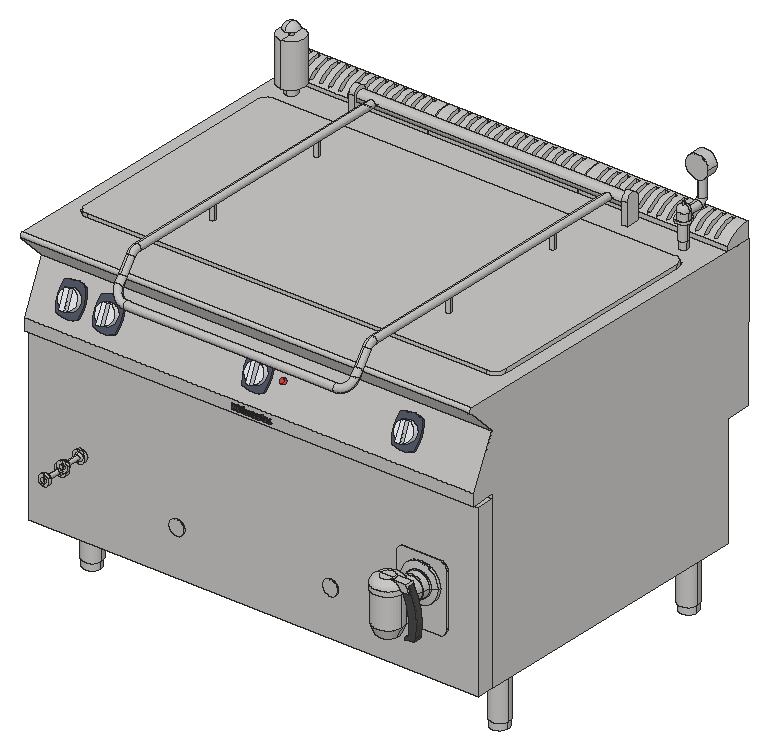
Revit family "QF_ELECTROLUXPROFESSIONAL_391105_E9BSGLIUFE", category Specialty Equipment, Revit 2018 (continued)
Lines and regions (mm)
  symbolic lines
    curve 250: arc (1008.891, -1015, 0) -> (1044.462, -1055.735, 0) -> (1089.617, -1025.975, 0) r 41.109
    curve 251: line (1065.663, -1004.362, 0) -> (1113.876, -1004.362, 0)
    curve 252: line (1065.663, -1025.975, 0) -> (1065.663, -1004.362, 0)
    curve 253: line (1113.876, -1025.975, 0) -> (1065.663, -1025.975, 0)
    curve 254: line (1113.876, -1004.362, 0) -> (1113.876, -1007.064, 0)
    curve 255: line (1106.741, -1004.362, 0) -> (1106.741, -1025.975, 0)
    curve 256: line (1110.542, -1022.936, 0) -> (1132.62, -1022.936, 0)
    curve 257: line (1110.542, -1007.064, 0) -> (1132.62, -1007.064, 0)
    curve 258: line (1132.62, -1022.936, 0) -> (1132.62, -1007.064, 0)
    curve 259: line (1110.542, -1007.064, 0) -> (1110.542, -1022.936, 0)
    curve 260: line (1113.876, -1022.936, 0) -> (1113.876, -1025.975, 0)
    curve 261: line (1018.48, -934.737, 0) -> (1081.52, -934.737, 0)
    curve 262: line (1081.52, -934.737, 0) -> (1081.52, -930, 0)
    curve 263: line (1018.48, -934.737, 0) -> (1018.48, -930, 0)
    curve 264: arc (1139, -115, 0) -> (1136.313, -104.986, 0) -> (1128.973, -97.664, 0) r 20
    curve 265: arc (1099, -115, 0) -> (1119, -135, 0) -> (1139, -115, 0) r 20
    curve 266: arc (1104, -115, 0) -> (1119, -130, 0) -> (1134, -115, 0) r 15
    curve 267: arc (1134, -115, 0) -> (1119, -100, 0) -> (1104, -115, 0) r 15
    curve 268: line (1089, -40.421, 0) -> (1149, -40.421, 0)
    curve 269: line (1149, -40.421, 0) -> (1149, -69.85, 0)
    curve 270: line (1089, -40.421, 0) -> (1089, -69.85, 0)
    curve 271: line (1109.027, -103.795, 0) -> (1109.027, -69.85, 0)
    curve 272: line (1128.973, -103.795, 0) -> (1128.973, -69.85, 0)
    curve 273: arc (1109.027, -97.664, 0) -> (1101.687, -104.986, 0) -> (1099, -115, 0) r 20
    curve 274: line (294.29, -158.49, 0) -> (905.71, -158.49, 0)
    curve 275: line (275.29, -162.49, 0) -> (66.71, -162.49, 0)
    curve 276: line (905.71, -162.49, 0) -> (294.29, -162.49, 0)
    curve 277: line (924.71, -158.49, 0) -> (1133.29, -158.49, 0)
Dimensions and locks
  equal spacing: plane 3 "LEFT", plane 7 "Center Y", plane 4 "RIGHT"
  "Width": plane 3 "LEFT" to plane 4 "RIGHT"
  equal spacing: plane 5 "FRONT", plane 8 "Center X", plane 1 "BACK"
  "Depth": plane 5 "FRONT" to plane 1 "BACK"
  "Height": plane 6 "TOP" to level
  plane 9 to level = 1734 mm
  plane 10 to level = 150 mm
  plane 1 "BACK" to plane 11 = 130 mm
  plane 11 to plane 12 = 630 mm
  plane 1 "BACK" to Extrusion 1 = 900 mm
  plane 1 "BACK" to plane 13 = 1015 mm
  plane 14 to plane 3 "LEFT" = 56 mm
  plane 15 to plane 4 "RIGHT" = 56 mm
  Revolve 16 to level = 300 mm
  Extrusion 42 sketch curve to plane 1 "BACK" = 804.3 mm
  Extrusion 42 sketch curve to plane 4 "RIGHT" = 140 mm
  Extrusion 43 sketch curve to plane 1 "BACK" = 704.3 mm
  plane 3 "LEFT" to Extrusion 43 sketch curve = 100 mm
  Extrusion 43 sketch curve to plane 1 "BACK" = 804.3 mm
  plane 3 "LEFT" to Extrusion 43 sketch curve = 160 mm
  Extrusion 43 to plane 1 "BACK" = 704.3 mm
  Extrusion 43 to plane 1 "BACK" = 804.3 mm
  Extrusion 42 to plane 1 "BACK" = 804.3 mm
  plane 3 "LEFT" to plane 17 = 100 mm
  plane 3 "LEFT" to plane 18 = 160 mm
  plane 16 to plane 4 "RIGHT" = 140 mm
  equal spacing: plane 3 "LEFT", Extrusion 43 sketch curve, Extrusion 43 sketch curve
  Extrusion 43 sketch curve to plane 1 "BACK" = 734.3 mm
  aligned and locked: level to plane 2
  aligned and locked: Extrusion 1 to plane 4 "RIGHT"
Automatic sketch dimensions
  Extrusion 1 sketch curve to plane 6 "TOP" = 0 mm
  Extrusion 1 sketch curve to plane 10 = 0 mm  (x2)
  Extrusion 1 sketch curve to plane 1 "BACK" = 0 mm
  plane 11 to Extrusion 1 sketch curve = 60 mm
  Extrusion 1 sketch curve to plane 5 "FRONT" = 78.431 mm
  Extrusion 1 sketch curve to Extrusion 1 sketch curve = 3.175 mm  (x2)
  Extrusion 1 sketch curve to Extrusion 1 sketch curve = 0.442 mm
  Extrusion 1 sketch curve to plane 5 "FRONT" = 72.387 mm
  Extrusion 1 sketch curve to plane 5 "FRONT" = 30 mm
  Extrusion 1 sketch curve to plane 5 "FRONT" = 14.69 mm
  Extrusion 1 sketch curve to plane 5 "FRONT" = 7.658 mm
  Extrusion 1 sketch curve to plane 5 "FRONT" = 2.243 mm
  Extrusion 1 sketch curve to Extrusion 1 sketch curve = 299 mm
  Extrusion 1 sketch curve to plane 6 "TOP" = 247.929 mm
  Extrusion 1 sketch curve to Extrusion 1 sketch curve = 8.058 mm
  Extrusion 1 sketch curve to Extrusion 1 sketch curve = 9.61 mm
  Extrusion 1 sketch curve to Extrusion 1 sketch curve = 31.298 mm
  Extrusion 1 sketch curve to plane 6 "TOP" = 83.217 mm
  Extrusion 1 sketch curve to plane 6 "TOP" = 13.073 mm
  Revolve 2 sketch curve to plane 10 = 0 mm  (x2)
  Revolve 2 sketch curve to level = 0 mm
  Revolve 2 sketch curve to plane 14 = 0 mm  (x2)
  Revolve 2 sketch curve to plane 14 = 22.9 mm
  Revolve 2 sketch curve to Revolve 2 sketch curve = 2.5 mm
  level to Revolve 2 sketch curve = 19.05 mm
  plane 10 to Revolve 2 sketch curve = 20 mm
  Revolve 3 sketch curve to plane 10 = 0 mm  (x2)
  Revolve 3 sketch curve to level = 0 mm
  Revolve 3 sketch curve to plane 14 = 0 mm  (x2)
  Revolve 3 sketch curve to plane 14 = 22.9 mm
  Revolve 3 sketch curve to Revolve 3 sketch curve = 2.5 mm
  level to Revolve 3 sketch curve = 19.05 mm
  plane 10 to Revolve 3 sketch curve = 20 mm
  Revolve 4 sketch curve to plane 10 = 0 mm  (x2)
  Revolve 4 sketch curve to level = 0 mm
  plane 15 to Revolve 4 sketch curve = 0 mm  (x2)
  Revolve 4 sketch curve to plane 15 = 22.9 mm
  Revolve 4 sketch curve to Revolve 4 sketch curve = 2.5 mm
  Revolve 4 sketch curve to Revolve 4 sketch curve = 20 mm
  level to Revolve 4 sketch curve = 19.05 mm
  Revolve 5 sketch curve to plane 10 = 0 mm  (x2)
  Revolve 5 sketch curve to level = 0 mm
  plane 15 to Revolve 5 sketch curve = 0 mm  (x2)
  Revolve 5 sketch curve to plane 15 = 22.9 mm
  Revolve 5 sketch curve to Revolve 5 sketch curve = 2.5 mm
  Revolve 5 sketch curve to Revolve 5 sketch curve = 20 mm
  level to Revolve 5 sketch curve = 19.05 mm
  Extrusion 6 sketch curve to plane 6 "TOP" = 0 mm
  Extrusion 6 sketch curve to plane 1 "BACK" = 0 mm
  plane 1 "BACK" to Extrusion 6 sketch curve = 4.947 mm
  plane 6 "TOP" to Extrusion 6 sketch curve = 10.4 mm
  plane 11 to Extrusion 6 sketch curve = 60.15 mm
  Extrusion 6 sketch curve to plane 6 "TOP" = 39.807 mm
  plane 1 "BACK" to Extrusion 7 sketch curve = 6.761 mm  (x14)
  Extrusion 7 sketch curve to Extrusion 7 sketch curve = 57.15 mm
  Extrusion 7 sketch curve to Extrusion 7 sketch curve = 0 mm  (x13)
  Extrusion 7 sketch curve to Extrusion 7 sketch curve = 16.193 mm  (x13)
  Extrusion 7 sketch curve to Extrusion 7 sketch curve = 9.296 mm  (x13)
  plane 14 to Extrusion 7 sketch curve = 8.487 mm
  Extrusion 7 sketch curve to plane 14 = 0.809 mm
  Extrusion 8 sketch curve to plane 7 "Center Y" = 0 mm
  Extrusion 8 sketch curve to Extrusion 8 sketch curve = 0 mm  (x8)
  plane 14 to Extrusion 8 sketch curve = 16.596 mm
  Extrusion 8 sketch curve to plane 7 "Center Y" = 29.185 mm
  plane 7 "Center Y" to Extrusion 8 sketch curve = 29.19 mm
  Extrusion 8 sketch curve to Extrusion 8 sketch curve = 12.3 mm  (x12)
  Extrusion 8 sketch curve to Extrusion 8 sketch curve = 34.925 mm  (x7)
  Extrusion 8 sketch curve to plane 14 = 9.131 mm
  Extrusion 8 sketch curve to Extrusion 8 sketch curve = 46.691 mm  (x4)
  Extrusion 8 sketch curve to plane 7 "Center Y" = 28.573 mm
  plane 14 to Extrusion 8 sketch curve = 17.214 mm
  Extrusion 8 sketch curve to Extrusion 8 sketch curve = 25.727 mm  (x2)
  Extrusion 8 sketch curve to Extrusion 8 sketch curve = 29.185 mm  (x2)
  Extrusion 8 sketch curve to Extrusion 8 sketch curve = 25.114 mm
  Extrusion 8 sketch curve to Extrusion 8 sketch curve = 15.898 mm
  Extrusion 9 sketch curve to Extrusion 9 sketch curve = 0 mm  (x3)
  Extrusion 9 sketch curve to Extrusion 9 sketch curve = 400 mm
  Extrusion 9 sketch curve to Extrusion 9 sketch curve = 398.214 mm
  Extrusion 9 sketch curve to Extrusion 9 sketch curve = 99.33 mm
  Extrusion 10 sketch curve to Extrusion 10 sketch curve = 24.732 mm  (x4)
  Extrusion 10 sketch curve to Extrusion 10 sketch curve = 0 mm  (x4)
  plane 7 "Center Y" to Extrusion 11 sketch curve = 67.108 mm
  Split face 1 sketch curve to Split face 1 sketch curve = 5.221 mm
  Split face 1 sketch curve to Split face 1 sketch curve = 11.424 mm
  Split face 1 sketch curve to Split face 1 sketch curve = 20.127 mm
  Split face 1 sketch curve to Split face 1 sketch curve = 0 mm  (x2)
  Split face 1 sketch curve to Split face 1 sketch curve = 0.581 mm
  Split face 1 sketch curve to Split face 1 sketch curve = 0.679 mm
  Split face 1 sketch curve to Split face 1 sketch curve = 15.469 mm
  Split face 2 sketch curve to Split face 2 sketch curve = 5.221 mm
  Split face 2 sketch curve to Split face 2 sketch curve = 11.424 mm
  Split face 2 sketch curve to Split face 2 sketch curve = 20.127 mm
  Split face 2 sketch curve to Split face 2 sketch curve = 0 mm  (x2)
  Split face 2 sketch curve to Split face 2 sketch curve = 0.581 mm
  Split face 2 sketch curve to Split face 2 sketch curve = 0.679 mm
  Split face 2 sketch curve to Split face 2 sketch curve = 15.469 mm
  plane 7 "Center Y" to Extrusion 12 sketch curve = 26.292 mm
  Extrusion 12 sketch curve to plane 6 "TOP" = 237.067 mm
  Extrusion 12 sketch curve to plane 7 "Center Y" = 8.807 mm
  Extrusion 12 sketch curve to Extrusion 12 sketch curve = 5.041 mm
  Extrusion 12 sketch curve to Extrusion 12 sketch curve = 5.06 mm
  plane 7 "Center Y" to Extrusion 12 sketch curve = 0.301 mm
  Extrusion 12 sketch curve to Extrusion 12 sketch curve = 0 mm  (x28)
  Extrusion 12 sketch curve to Extrusion 12 sketch curve = 5.108 mm  (x2)
  Extrusion 12 sketch curve to Extrusion 12 sketch curve = 0.054 mm
  Extrusion 12 sketch curve to Extrusion 12 sketch curve = 0.218 mm
  Extrusion 12 sketch curve to Extrusion 12 sketch curve = 0.195 mm
  Extrusion 12 sketch curve to Extrusion 12 sketch curve = 0.249 mm
  Extrusion 12 sketch curve to Extrusion 12 sketch curve = 0.316 mm
  Extrusion 12 sketch curve to Extrusion 12 sketch curve = 0.087 mm
  Extrusion 12 sketch curve to Extrusion 12 sketch curve = 0.358 mm
  Extrusion 12 sketch curve to Extrusion 12 sketch curve = 0.481 mm
  Extrusion 12 sketch curve to Extrusion 12 sketch curve = 0.597 mm
  Extrusion 12 sketch curve to Extrusion 12 sketch curve = 0.544 mm
  Extrusion 12 sketch curve to Extrusion 12 sketch curve = 0.936 mm
  Extrusion 12 sketch curve to Extrusion 12 sketch curve = 0.594 mm
  Extrusion 12 sketch curve to Extrusion 12 sketch curve = 0.343 mm
  Extrusion 12 sketch curve to Extrusion 12 sketch curve = 0.159 mm
  Extrusion 12 sketch curve to Extrusion 12 sketch curve = 0.826 mm
  Extrusion 12 sketch curve to Extrusion 12 sketch curve = 0.839 mm
  Extrusion 12 sketch curve to Extrusion 12 sketch curve = 0.852 mm
  Extrusion 12 sketch curve to Extrusion 12 sketch curve = 0.887 mm
  Extrusion 12 sketch curve to Extrusion 12 sketch curve = 0.928 mm
  Extrusion 12 sketch curve to Extrusion 12 sketch curve = 0.938 mm
  Extrusion 12 sketch curve to Extrusion 12 sketch curve = 0.444 mm
  Extrusion 12 sketch curve to Extrusion 12 sketch curve = 1.11 mm  (x3)
  plane 7 "Center Y" to Extrusion 12 sketch curve = 48.726 mm
  Extrusion 12 sketch curve to Extrusion 12 sketch curve = 0.215 mm
  Extrusion 12 sketch curve to Extrusion 12 sketch curve = 1.43 mm
  Extrusion 12 sketch curve to Extrusion 12 sketch curve = 1.188 mm
  Extrusion 12 sketch curve to Extrusion 12 sketch curve = 1.21 mm  (x2)
  Extrusion 12 sketch curve to Extrusion 12 sketch curve = 0.503 mm
  plane 7 "Center Y" to Extrusion 12 sketch curve = 53.995 mm
  Extrusion 12 sketch curve to Extrusion 12 sketch curve = 0.488 mm
  plane 7 "Center Y" to Extrusion 12 sketch curve = 57.922 mm
  Extrusion 12 sketch curve to Extrusion 12 sketch curve = 0.462 mm
  Extrusion 12 sketch curve to Extrusion 12 sketch curve = 1.386 mm
  Extrusion 12 sketch curve to Extrusion 12 sketch curve = 1.742 mm
  Extrusion 12 sketch curve to Extrusion 12 sketch curve = 0.821 mm
  Extrusion 12 sketch curve to Extrusion 12 sketch curve = 0.497 mm
  Extrusion 12 sketch curve to Extrusion 12 sketch curve = 0.539 mm
  Extrusion 12 sketch curve to Extrusion 12 sketch curve = 0.686 mm
  Extrusion 12 sketch curve to Extrusion 12 sketch curve = 0.408 mm
  Extrusion 12 sketch curve to Extrusion 12 sketch curve = 0.743 mm
  Extrusion 12 sketch curve to Extrusion 12 sketch curve = 1.16 mm
  Extrusion 12 sketch curve to Extrusion 12 sketch curve = 0.329 mm
  Extrusion 12 sketch curve to Extrusion 12 sketch curve = 1.054 mm
  Extrusion 12 sketch curve to Extrusion 12 sketch curve = 1.056 mm
  Extrusion 12 sketch curve to Extrusion 12 sketch curve = 0.129 mm
  Extrusion 12 sketch curve to Extrusion 12 sketch curve = 0.489 mm
  Extrusion 12 sketch curve to Extrusion 12 sketch curve = 0.441 mm
  Extrusion 12 sketch curve to Extrusion 12 sketch curve = 1.151 mm
  Extrusion 12 sketch curve to Extrusion 12 sketch curve = 1.141 mm  (x2)
  Extrusion 12 sketch curve to Extrusion 12 sketch curve = 0.768 mm
  Extrusion 12 sketch curve to Extrusion 12 sketch curve = 1.653 mm
  Extrusion 12 sketch curve to Extrusion 12 sketch curve = 0.499 mm
  Extrusion 12 sketch curve to Extrusion 12 sketch curve = 0.964 mm
  Extrusion 12 sketch curve to Extrusion 12 sketch curve = 0.949 mm
  Extrusion 12 sketch curve to Extrusion 12 sketch curve = 1.345 mm  (x3)
  Extrusion 12 sketch curve to Extrusion 12 sketch curve = 1.101 mm
  Extrusion 12 sketch curve to Extrusion 12 sketch curve = 0.432 mm
  Extrusion 12 sketch curve to Extrusion 12 sketch curve = 1.142 mm
  Extrusion 12 sketch curve to Extrusion 12 sketch curve = 0.959 mm
  Extrusion 12 sketch curve to Extrusion 12 sketch curve = 0.176 mm
  Extrusion 12 sketch curve to Extrusion 12 sketch curve = 0.728 mm
  Extrusion 12 sketch curve to Extrusion 12 sketch curve = 3.375 mm  (x2)
  Extrusion 12 sketch curve to Extrusion 12 sketch curve = 0.541 mm
  Extrusion 12 sketch curve to Extrusion 12 sketch curve = 0.955 mm
  Extrusion 12 sketch curve to Extrusion 12 sketch curve = 1.251 mm
  Extrusion 12 sketch curve to Extrusion 12 sketch curve = 0.572 mm
  plane 7 "Center Y" to Extrusion 12 sketch curve = 52.619 mm
  Extrusion 12 sketch curve to Extrusion 12 sketch curve = 1.92 mm
  Extrusion 12 sketch curve to Extrusion 12 sketch curve = 1.224 mm
  Extrusion 12 sketch curve to Extrusion 12 sketch curve = 0.745 mm
  plane 7 "Center Y" to Extrusion 12 sketch curve = 0.873 mm
  Extrusion 12 sketch curve to Extrusion 12 sketch curve = 2.537 mm
  Extrusion 12 sketch curve to Extrusion 12 sketch curve = 0.896 mm  (x3)
  Extrusion 12 sketch curve to Extrusion 12 sketch curve = 0.036 mm
  Extrusion 12 sketch curve to Extrusion 12 sketch curve = 2.607 mm
  Extrusion 12 sketch curve to Extrusion 12 sketch curve = 0.066 mm
  Extrusion 12 sketch curve to Extrusion 12 sketch curve = 0.248 mm
  Extrusion 12 sketch curve to Extrusion 12 sketch curve = 0.449 mm
  plane 7 "Center Y" to Extrusion 12 sketch curve = 51.838 mm
  Extrusion 12 sketch curve to Extrusion 12 sketch curve = 1.052 mm
  Extrusion 12 sketch curve to Extrusion 12 sketch curve = 1.863 mm
  Extrusion 12 sketch curve to Extrusion 12 sketch curve = 1.31 mm  (x2)
  Extrusion 12 sketch curve to Extrusion 12 sketch curve = 0.901 mm
  Extrusion 12 sketch curve to Extrusion 12 sketch curve = 1.107 mm
  Extrusion 12 sketch curve to Extrusion 12 sketch curve = 2.122 mm
  Extrusion 12 sketch curve to Extrusion 12 sketch curve = 2.101 mm
  Extrusion 12 sketch curve to Extrusion 12 sketch curve = 0.106 mm
  Extrusion 12 sketch curve to Extrusion 12 sketch curve = 0.029 mm
  plane 7 "Center Y" to Extrusion 12 sketch curve = 54.641 mm
  Extrusion 12 sketch curve to Extrusion 12 sketch curve = 2.09 mm
  Extrusion 12 sketch curve to plane 7 "Center Y" = 0.728 mm
  Extrusion 12 sketch curve to Extrusion 12 sketch curve = 1.279 mm
  Extrusion 12 sketch curve to Extrusion 12 sketch curve = 2.008 mm
  Extrusion 12 sketch curve to Extrusion 12 sketch curve = 0.738 mm
  Extrusion 12 sketch curve to Extrusion 12 sketch curve = 0.382 mm
  Extrusion 12 sketch curve to Extrusion 12 sketch curve = 0.384 mm
  Extrusion 12 sketch curve to Extrusion 12 sketch curve = 0.002 mm
  Extrusion 12 sketch curve to Extrusion 12 sketch curve = 0.561 mm
  Extrusion 12 sketch curve to Extrusion 12 sketch curve = 0.592 mm
  Extrusion 12 sketch curve to Extrusion 12 sketch curve = 2.692 mm
  Extrusion 12 sketch curve to Extrusion 12 sketch curve = 1.259 mm
  plane 7 "Center Y" to Extrusion 12 sketch curve = 53.858 mm
  Extrusion 12 sketch curve to Extrusion 12 sketch curve = 0.802 mm
  Extrusion 12 sketch curve to Extrusion 12 sketch curve = 1.024 mm
  Extrusion 12 sketch curve to Extrusion 12 sketch curve = 0.682 mm
  Extrusion 12 sketch curve to Extrusion 12 sketch curve = 5.934 mm
  Extrusion 12 sketch curve to Extrusion 12 sketch curve = 2.186 mm
  Extrusion 12 sketch curve to Extrusion 12 sketch curve = 0.337 mm
  Extrusion 12 sketch curve to Extrusion 12 sketch curve = 0.021 mm
  Extrusion 12 sketch curve to Extrusion 12 sketch curve = 1.005 mm
  Extrusion 12 sketch curve to Extrusion 12 sketch curve = 0.552 mm
  Extrusion 12 sketch curve to Extrusion 12 sketch curve = 0.778 mm
  Extrusion 12 sketch curve to Extrusion 12 sketch curve = 0.063 mm
  Extrusion 12 sketch curve to Extrusion 12 sketch curve = 1.023 mm
  Extrusion 12 sketch curve to Extrusion 12 sketch curve = 3.804 mm
  Extrusion 12 sketch curve to Extrusion 12 sketch curve = 0.486 mm
  Extrusion 12 sketch curve to Extrusion 12 sketch curve = 0.266 mm
  Extrusion 12 sketch curve to Extrusion 12 sketch curve = 1.547 mm
  Extrusion 12 sketch curve to Extrusion 12 sketch curve = 0.717 mm  (x2)
  Extrusion 12 sketch curve to Extrusion 12 sketch curve = 1.667 mm
  plane 7 "Center Y" to Extrusion 12 sketch curve = 49.532 mm
  Extrusion 12 sketch curve to Extrusion 12 sketch curve = 3.174 mm
  Extrusion 12 sketch curve to Extrusion 12 sketch curve = 0.388 mm
  Extrusion 12 sketch curve to Extrusion 12 sketch curve = 1.342 mm
  plane 7 "Center Y" to Extrusion 12 sketch curve = 55.135 mm
  Extrusion 12 sketch curve to Extrusion 12 sketch curve = 1.521 mm
  plane 7 "Center Y" to Extrusion 12 sketch curve = 56.694 mm
  Extrusion 12 sketch curve to Extrusion 12 sketch curve = 0.124 mm
  Extrusion 12 sketch curve to Extrusion 12 sketch curve = 0.291 mm
  plane 7 "Center Y" to Extrusion 12 sketch curve = 12.285 mm
  Extrusion 12 sketch curve to Extrusion 12 sketch curve = 1.049 mm  (x2)
  plane 7 "Center Y" to Extrusion 12 sketch curve = 52.668 mm
  Extrusion 12 sketch curve to Extrusion 12 sketch curve = 1.7 mm
  Extrusion 12 sketch curve to Extrusion 12 sketch curve = 0.894 mm
  Extrusion 12 sketch curve to Extrusion 12 sketch curve = 0.989 mm
  Extrusion 12 sketch curve to Extrusion 12 sketch curve = 1.168 mm
  Extrusion 12 sketch curve to Extrusion 12 sketch curve = 1.594 mm
  Extrusion 12 sketch curve to Extrusion 12 sketch curve = 0.731 mm
  Extrusion 12 sketch curve to Extrusion 12 sketch curve = 1.566 mm
  Extrusion 12 sketch curve to Extrusion 12 sketch curve = 0.064 mm
  plane 7 "Center Y" to Extrusion 12 sketch curve = 12.842 mm
  Extrusion 12 sketch curve to Extrusion 12 sketch curve = 0.556 mm
  Extrusion 12 sketch curve to Extrusion 12 sketch curve = 0.48 mm
  Extrusion 12 sketch curve to Extrusion 12 sketch curve = 0.228 mm
  Extrusion 12 sketch curve to Extrusion 12 sketch curve = 1.018 mm
  plane 7 "Center Y" to Extrusion 12 sketch curve = 42.429 mm
  Extrusion 12 sketch curve to Extrusion 12 sketch curve = 0.787 mm
  Extrusion 12 sketch curve to Extrusion 12 sketch curve = 0.618 mm
  plane 7 "Center Y" to Extrusion 12 sketch curve = 47.486 mm
  Extrusion 12 sketch curve to Extrusion 12 sketch curve = 1.672 mm
  plane 7 "Center Y" to Extrusion 12 sketch curve = 58.436 mm
  Extrusion 12 sketch curve to Extrusion 12 sketch curve = 1.361 mm
  Extrusion 12 sketch curve to Extrusion 12 sketch curve = 0.822 mm
  Extrusion 12 sketch curve to Extrusion 12 sketch curve = 0.069 mm
  Extrusion 12 sketch curve to Extrusion 12 sketch curve = 1.88 mm
  plane 7 "Center Y" to Extrusion 12 sketch curve = 40.269 mm
  Extrusion 12 sketch curve to Extrusion 12 sketch curve = 0.42 mm
  Extrusion 12 sketch curve to Extrusion 12 sketch curve = 0.062 mm
  Extrusion 12 sketch curve to Extrusion 12 sketch curve = 1.355 mm
  Extrusion 12 sketch curve to Extrusion 12 sketch curve = 2.34 mm
  Extrusion 12 sketch curve to Extrusion 12 sketch curve = 0.493 mm
  Extrusion 12 sketch curve to Extrusion 12 sketch curve = 0.136 mm
  Extrusion 12 sketch curve to Extrusion 12 sketch curve = 0.128 mm
  Extrusion 12 sketch curve to Extrusion 12 sketch curve = 3.616 mm
  Extrusion 12 sketch curve to Extrusion 12 sketch curve = 4.207 mm
  Extrusion 12 sketch curve to Extrusion 12 sketch curve = 0.183 mm
  Extrusion 12 sketch curve to Extrusion 12 sketch curve = 0.895 mm
  Extrusion 12 sketch curve to Extrusion 12 sketch curve = 1.314 mm
  Extrusion 12 sketch curve to Extrusion 12 sketch curve = 3.231 mm
  Extrusion 12 sketch curve to plane 7 "Center Y" = 18.526 mm
  Extrusion 12 sketch curve to Extrusion 12 sketch curve = 1.299 mm
  Extrusion 12 sketch curve to Extrusion 12 sketch curve = 1.214 mm
  plane 7 "Center Y" to Extrusion 12 sketch curve = 31.369 mm
  Extrusion 12 sketch curve to Extrusion 12 sketch curve = 1.264 mm
  Extrusion 12 sketch curve to Extrusion 12 sketch curve = 0.109 mm
  Extrusion 12 sketch curve to Extrusion 12 sketch curve = 0.357 mm
  Extrusion 12 sketch curve to Extrusion 12 sketch curve = 0.565 mm
  Extrusion 12 sketch curve to Extrusion 12 sketch curve = 2.504 mm
  Extrusion 12 sketch curve to Extrusion 12 sketch curve = 2.459 mm
  Extrusion 12 sketch curve to Extrusion 12 sketch curve = 0.983 mm
  Extrusion 12 sketch curve to Extrusion 12 sketch curve = 0.422 mm
  Extrusion 12 sketch curve to Extrusion 12 sketch curve = 1.268 mm
  Extrusion 12 sketch curve to Extrusion 12 sketch curve = 0.671 mm
  Extrusion 12 sketch curve to Extrusion 12 sketch curve = 1.634 mm
  Extrusion 12 sketch curve to Extrusion 12 sketch curve = 0.132 mm
  Extrusion 12 sketch curve to Extrusion 12 sketch curve = 0.586 mm
  Extrusion 12 sketch curve to Extrusion 12 sketch curve = 1.241 mm
  Extrusion 12 sketch curve to Extrusion 12 sketch curve = 1.689 mm
  Extrusion 12 sketch curve to Extrusion 12 sketch curve = 0.627 mm
  Extrusion 12 sketch curve to Extrusion 12 sketch curve = 0.419 mm
  Extrusion 12 sketch curve to Extrusion 12 sketch curve = 1.514 mm
  Extrusion 12 sketch curve to Extrusion 12 sketch curve = 1.019 mm
  Extrusion 12 sketch curve to Extrusion 12 sketch curve = 0.065 mm
  Extrusion 12 sketch curve to Extrusion 12 sketch curve = 1.215 mm
  Extrusion 12 sketch curve to Extrusion 12 sketch curve = 1.122 mm
  Extrusion 12 sketch curve to Extrusion 12 sketch curve = 1.153 mm
  Extrusion 12 sketch curve to Extrusion 12 sketch curve = 1.223 mm
  Extrusion 12 sketch curve to Extrusion 12 sketch curve = 0.934 mm
  Extrusion 12 sketch curve to Extrusion 12 sketch curve = 3.376 mm
  Extrusion 12 sketch curve to Extrusion 12 sketch curve = 0.222 mm
  Extrusion 12 sketch curve to Extrusion 12 sketch curve = 1.383 mm
  Extrusion 12 sketch curve to Extrusion 12 sketch curve = 1.556 mm
  Extrusion 12 sketch curve to Extrusion 12 sketch curve = 2.559 mm
  Extrusion 12 sketch curve to Extrusion 12 sketch curve = 2.51 mm
  Extrusion 12 sketch curve to Extrusion 12 sketch curve = 0.131 mm
  Extrusion 12 sketch curve to Extrusion 12 sketch curve = 1.134 mm
  Extrusion 12 sketch curve to Extrusion 12 sketch curve = 0.366 mm
  Extrusion 12 sketch curve to Extrusion 12 sketch curve = 0.094 mm
  Extrusion 12 sketch curve to Extrusion 12 sketch curve = 1.584 mm
  Extrusion 12 sketch curve to Extrusion 12 sketch curve = 1.501 mm
  Extrusion 12 sketch curve to Extrusion 12 sketch curve = 0.27 mm
  Extrusion 12 sketch curve to Extrusion 12 sketch curve = 1.808 mm
  Extrusion 12 sketch curve to Extrusion 12 sketch curve = 0.643 mm
  Extrusion 12 sketch curve to Extrusion 12 sketch curve = 0.916 mm
  Extrusion 12 sketch curve to Extrusion 12 sketch curve = 0.458 mm
  Extrusion 12 sketch curve to Extrusion 12 sketch curve = 0.352 mm
  Extrusion 12 sketch curve to Extrusion 12 sketch curve = 0.685 mm
  Extrusion 12 sketch curve to Extrusion 12 sketch curve = 0.905 mm
  Extrusion 12 sketch curve to Extrusion 12 sketch curve = 1.477 mm
  Extrusion 12 sketch curve to Extrusion 12 sketch curve = 0.472 mm
  Extrusion 12 sketch curve to Extrusion 12 sketch curve = 0.101 mm
  Extrusion 12 sketch curve to Extrusion 12 sketch curve = 0.54 mm
  Extrusion 12 sketch curve to Extrusion 12 sketch curve = 0.02 mm
  Extrusion 12 sketch curve to Extrusion 12 sketch curve = 0.829 mm
  Extrusion 12 sketch curve to Extrusion 12 sketch curve = 0.582 mm
  Extrusion 12 sketch curve to Extrusion 12 sketch curve = 0.166 mm
  Extrusion 12 sketch curve to Extrusion 12 sketch curve = 0.16 mm
  Extrusion 12 sketch curve to Extrusion 12 sketch curve = 1.118 mm
  Extrusion 12 sketch curve to Extrusion 12 sketch curve = 0.613 mm
  Extrusion 12 sketch curve to Extrusion 12 sketch curve = 0.781 mm
  Extrusion 12 sketch curve to Extrusion 12 sketch curve = 0.361 mm
  Extrusion 12 sketch curve to Extrusion 12 sketch curve = 0.897 mm
  Extrusion 12 sketch curve to Extrusion 12 sketch curve = 0.167 mm
  Extrusion 12 sketch curve to Extrusion 12 sketch curve = 0.292 mm
  Extrusion 12 sketch curve to Extrusion 12 sketch curve = 0.305 mm
  Extrusion 12 sketch curve to Extrusion 12 sketch curve = 1.557 mm
  Extrusion 12 sketch curve to Extrusion 12 sketch curve = 2.499 mm
  Extrusion 12 sketch curve to Extrusion 12 sketch curve = 3.062 mm
  Extrusion 12 sketch curve to Extrusion 12 sketch curve = 2.968 mm
  Extrusion 12 sketch curve to Extrusion 12 sketch curve = 5.044 mm
  Extrusion 12 sketch curve to Extrusion 12 sketch curve = 0.629 mm  (x2)
  Extrusion 12 sketch curve to Extrusion 12 sketch curve = 1.131 mm
  Extrusion 12 sketch curve to Extrusion 12 sketch curve = 0.137 mm
  Extrusion 12 sketch curve to Extrusion 12 sketch curve = 0.027 mm
  Extrusion 12 sketch curve to Extrusion 12 sketch curve = 2.046 mm
  Extrusion 12 sketch curve to Extrusion 12 sketch curve = 2.235 mm
  plane 10 to Extrusion 13 sketch curve = 121.87 mm  (x2)
  plane 10 to Extrusion 14 sketch curve = 111.296 mm
  Extrusion 14 sketch curve to Extrusion 14 sketch curve = 20 mm  (x3)
  Extrusion 14 sketch curve to Extrusion 14 sketch curve = 140 mm
  Extrusion 14 sketch curve to Extrusion 14 sketch curve = 0 mm
  Revolve 15 sketch curve to plane 5 "FRONT" = 26.761 mm
  Revolve 15 sketch curve to plane 5 "FRONT" = 1.761 mm
  Revolve 15 sketch curve to Revolve 15 sketch curve = 0 mm
  Revolve 15 sketch curve to Revolve 15 sketch curve = 27.31 mm
  Revolve 15 sketch curve to Revolve 15 sketch curve = 4.21 mm
  Revolve 15 sketch curve to Revolve 15 sketch curve = 2.04 mm
  plane 5 "FRONT" to Revolve 15 sketch curve = 4.737 mm
  Revolve 15 sketch curve to plane 13 = 22.744 mm
  Revolve 15 sketch curve to plane 5 "FRONT" = 13.787 mm
  Revolve 15 sketch curve to Revolve 15 sketch curve = 2.899 mm
  Revolve 15 sketch curve to Revolve 15 sketch curve = 6.479 mm
  Revolve 15 sketch curve to Revolve 15 sketch curve = 15 mm
  Revolve 16 sketch curve to Revolve 16 sketch curve = 0 mm
  Revolve 16 sketch curve to Revolve 16 sketch curve = 20.039 mm
  Revolve 16 sketch curve to Revolve 16 sketch curve = 26.476 mm
  Revolve 16 sketch curve to Revolve 16 sketch curve = 17.448 mm
  Revolve 16 sketch curve to Revolve 16 sketch curve = 3.622 mm
  plane 10 to Revolve 16 sketch curve = 140.66 mm
  Revolve 16 sketch curve to Revolve 16 sketch curve = 9.34 mm
  Revolve 16 sketch curve to Revolve 16 sketch curve = 25 mm
  Revolve 16 sketch curve to Revolve 16 sketch curve = 83.963 mm
  Revolve 16 sketch curve to Revolve 16 sketch curve = 7.566 mm
  Revolve 16 sketch curve to Revolve 16 sketch curve = 12.044 mm
  Revolve 16 sketch curve to Revolve 16 sketch curve = 22.59 mm
  Extrusion 18 sketch curve to Extrusion 18 sketch curve = 12.717 mm
  Extrusion 18 sketch curve to Extrusion 18 sketch curve = 12.702 mm
  Extrusion 18 sketch curve to Extrusion 18 sketch curve = 21.173 mm
  plane 10 to Extrusion 18 sketch curve = 254.162 mm
  Extrusion 18 sketch curve to Extrusion 18 sketch curve = 0.322 mm
  plane 5 "FRONT" to Revolve 19 sketch curve = 35.345 mm
  Revolve 19 sketch curve to Revolve 19 sketch curve = 2.482 mm
  Revolve 19 sketch curve to Revolve 19 sketch curve = 5 mm  (x2)
  Revolve 19 sketch curve to plane 5 "FRONT" = 17.456 mm
  Revolve 19 sketch curve to Revolve 19 sketch curve = 5.316 mm
  Revolve 19 sketch curve to Revolve 19 sketch curve = 3.012 mm
  Revolve 19 sketch curve to Revolve 19 sketch curve = 4.216 mm
  Revolve 19 sketch curve to Revolve 19 sketch curve = 0 mm  (x2)
  Revolve 19 sketch curve to Revolve 19 sketch curve = 4.148 mm
  plane 10 to Revolve 19 sketch curve = 187.629 mm
  Revolve 19 sketch curve to Revolve 19 sketch curve = 1.968 mm
  Revolve 19 sketch curve to Revolve 19 sketch curve = 3.253 mm
  Revolve 19 sketch curve to Revolve 19 sketch curve = 6.355 mm
  Revolve 19 sketch curve to Revolve 19 sketch curve = 4.305 mm
  Revolve 19 sketch curve to Revolve 19 sketch curve = 8.693 mm
  Revolve 19 sketch curve to Revolve 19 sketch curve = 0.862 mm
  plane 5 "FRONT" to Revolve 20 sketch curve = 35.345 mm
  Revolve 20 sketch curve to Revolve 20 sketch curve = 2.482 mm
  Revolve 20 sketch curve to Revolve 20 sketch curve = 5 mm  (x2)
  Revolve 20 sketch curve to plane 5 "FRONT" = 17.456 mm
  Revolve 20 sketch curve to Revolve 20 sketch curve = 5.316 mm
  Revolve 20 sketch curve to Revolve 20 sketch curve = 3.012 mm
  Revolve 20 sketch curve to Revolve 20 sketch curve = 4.216 mm
  Revolve 20 sketch curve to Revolve 20 sketch curve = 0 mm  (x2)
  Revolve 20 sketch curve to Revolve 20 sketch curve = 4.148 mm
  plane 10 to Revolve 20 sketch curve = 138.132 mm
  Revolve 20 sketch curve to Revolve 20 sketch curve = 1.968 mm
  Revolve 20 sketch curve to Revolve 20 sketch curve = 3.253 mm
  Revolve 20 sketch curve to Revolve 20 sketch curve = 6.355 mm
  Revolve 20 sketch curve to Revolve 20 sketch curve = 4.305 mm
  Revolve 20 sketch curve to Revolve 20 sketch curve = 8.693 mm
  Revolve 20 sketch curve to Revolve 20 sketch curve = 0.862 mm
  Extrusion 21 sketch curve to plane 6 "TOP" = 0 mm
  Extrusion 21 sketch curve to plane 1 "BACK" = 0 mm
  plane 1 "BACK" to Extrusion 21 sketch curve = 4.947 mm
  plane 6 "TOP" to Extrusion 21 sketch curve = 10.4 mm
  plane 11 to Extrusion 21 sketch curve = 60.15 mm
  Extrusion 21 sketch curve to plane 6 "TOP" = 39.807 mm
  plane 1 "BACK" to Extrusion 22 sketch curve = 6.761 mm  (x14)
  plane 7 "Center Y" to Extrusion 22 sketch curve = 17.417 mm
  Extrusion 22 sketch curve to Extrusion 22 sketch curve = 57.15 mm
  Extrusion 22 sketch curve to plane 7 "Center Y" = 8.071 mm
  Extrusion 22 sketch curve to Extrusion 22 sketch curve = 0 mm  (x13)
  Extrusion 22 sketch curve to Extrusion 22 sketch curve = 9.296 mm  (x13)
  Extrusion 22 sketch curve to Extrusion 22 sketch curve = 16.193 mm  (x12)
  plane 7 "Center Y" to Extrusion 22 sketch curve = 8.121 mm
  Extrusion 23 sketch curve to plane 6 "TOP" = 0 mm
  Extrusion 23 sketch curve to plane 1 "BACK" = 0 mm
  plane 1 "BACK" to Extrusion 23 sketch curve = 4.947 mm
  plane 6 "TOP" to Extrusion 23 sketch curve = 10.4 mm
  plane 11 to Extrusion 23 sketch curve = 60.15 mm
  Extrusion 23 sketch curve to plane 6 "TOP" = 39.807 mm
  plane 1 "BACK" to Extrusion 24 sketch curve = 6.761 mm  (x14)
  Extrusion 24 sketch curve to Extrusion 24 sketch curve = 57.15 mm
  Extrusion 24 sketch curve to Extrusion 24 sketch curve = 0 mm  (x13)
  Extrusion 24 sketch curve to plane 15 = 0.859 mm
  Extrusion 24 sketch curve to Extrusion 24 sketch curve = 16.193 mm  (x13)
  Extrusion 24 sketch curve to Extrusion 24 sketch curve = 9.296 mm  (x13)
  plane 15 to Extrusion 24 sketch curve = 8.437 mm
  Extrusion 25 sketch curve to plane 6 "TOP" = 0 mm
  plane 11 to Extrusion 25 sketch curve = 12.5 mm
  Extrusion 25 sketch curve to Extrusion 25 sketch curve = 17.394 mm
  plane 6 "TOP" to Extrusion 25 sketch curve = 57.07 mm
  Extrusion 26 sketch curve to plane 6 "TOP" = 0 mm
  plane 11 to Extrusion 26 sketch curve = 12.5 mm
  Extrusion 26 sketch curve to Extrusion 26 sketch curve = 17.394 mm
  plane 6 "TOP" to Extrusion 26 sketch curve = 57.07 mm
  Extrusion 27 sketch curve to plane 14 = 9.29 mm
  plane 14 to Extrusion 27 sketch curve = 10.71 mm  (x2)
  Extrusion 27 sketch curve to plane 12 = 0.931 mm
  plane 15 to Extrusion 27 sketch curve = 10.71 mm  (x2)
  Extrusion 27 sketch curve to plane 15 = 9.29 mm
  Extrusion 27 sketch curve to plane 11 = 60.49 mm
  Extrusion 28 sketch curve to plane 12 = 0.931 mm
  Extrusion 28 sketch curve to plane 14 = 21.29 mm
  plane 14 to Extrusion 28 sketch curve = 10.71 mm  (x2)
  plane 15 to Extrusion 28 sketch curve = 10.71 mm  (x2)
  Extrusion 28 sketch curve to plane 15 = 21.29 mm
  Extrusion 28 sketch curve to plane 11 = 60.49 mm
  Extrusion 29 sketch curve to Extrusion 29 sketch curve = 28 mm
  Extrusion 29 sketch curve to Extrusion 28 = 32 mm
  plane 11 to Extrusion 30 sketch curve = 29.894 mm
  plane 6 "TOP" to Extrusion 30 sketch curve = 50.961 mm
  plane 6 "TOP" to Sweep 31 sketch curve = 4.25 mm
  plane 5 "FRONT" to Sweep 31 sketch curve = 13.879 mm
  Sweep 31 sketch curve to plane 5 "FRONT" = 12.572 mm
  Sweep 31 sketch curve to Sweep 31 sketch curve = 20.225 mm
  plane 11 to Sweep 31 sketch curve = 29.894 mm
  plane 6 "TOP" to Sweep 31 sketch curve = 25.961 mm
  Sweep 31 sketch curve to Sweep 31 sketch curve = 14.695 mm
  Sweep 31 sketch curve to profile plane = 0 mm  (x2)
  plane 3 "LEFT" to Sweep 31 sketch curve = 284.79 mm
  Sweep 31 sketch curve to Sweep 31 sketch curve = 630.421 mm
  Sweep 32 sketch curve to Sweep 32 sketch curve = 20 mm  (x2)
  profile plane to Sweep 32 sketch curve = 0 mm
  Sweep 32 sketch curve to profile plane = 0 mm
  Extrusion 33 sketch curve to Extrusion 29 = 246.08 mm  (x4)
  Extrusion 33 sketch curve to Extrusion 29 = 145.803 mm  (x2)
  Extrusion 33 sketch curve to Extrusion 29 = 134.383 mm  (x2)
  Extrusion 34 sketch curve to plane 14 = 17.29 mm
  plane 14 to Extrusion 34 sketch curve = 10.71 mm  (x2)
  plane 15 to Extrusion 34 sketch curve = 10.71 mm  (x2)
  Extrusion 34 sketch curve to plane 15 = 17.29 mm
  Extrusion 34 sketch curve to Extrusion 34 sketch curve = 570.441 mm
  Sweep 35 sketch curve to plane 9 = 27.712 mm
  Sweep 35 sketch curve to Sweep 35 sketch curve = 26.45 mm
  Sweep 35 sketch curve to Sweep 35 sketch curve = 20.225 mm
  Sweep 35 sketch curve to Sweep 35 sketch curve = 797.097 mm
  Sweep 35 sketch curve to Sweep 35 sketch curve = 21.711 mm
  Sweep 35 sketch curve to Sweep 35 sketch curve = 14.695 mm
  Sweep 35 sketch curve to profile plane = 0 mm  (x2)
  plane 3 "LEFT" to Sweep 35 sketch curve = 284.79 mm
  Sweep 35 sketch curve to Sweep 35 sketch curve = 630.421 mm
  Sweep 36 sketch curve to Sweep 36 sketch curve = 20 mm  (x2)
  Sweep 36 sketch curve to profile plane = 0 mm  (x2)
  Extrusion 37 sketch curve to Extrusion 34 = 246.08 mm  (x4)
  Extrusion 37 sketch curve to Extrusion 34 = 145.803 mm  (x2)
  Extrusion 37 sketch curve to Extrusion 34 = 134.383 mm  (x2)
  Revolve 38 sketch curve to plane 11 = 0 mm
  Revolve 38 sketch curve to plane 6 "TOP" = 0 mm
  Revolve 38 sketch curve to plane 11 = 15 mm
  plane 11 to Revolve 38 sketch curve = 5 mm
  Revolve 38 sketch curve to Revolve 38 sketch curve = 15 mm  (x2)
  Revolve 38 sketch curve to Revolve 38 sketch curve = 0 mm  (x2)
  Revolve 38 sketch curve to Revolve 38 sketch curve = 25 mm
  Revolve 38 sketch curve to Revolve 38 sketch curve = 115 mm
  Revolve 38 sketch curve to Revolve 38 sketch curve = 9.167 mm
  Revolve 38 sketch curve to Revolve 38 sketch curve = 5.833 mm
  Revolve 38 sketch curve to Revolve 38 sketch curve = 6.793 mm
  Revolve 39 sketch curve to plane 6 "TOP" = 0 mm
  plane 15 to Revolve 39 sketch curve = 10 mm
  plane 15 to Revolve 39 sketch curve = 5 mm
  plane 6 "TOP" to Revolve 39 sketch curve = 21.175 mm
  Revolve 39 sketch curve to Revolve 39 sketch curve = 45 mm
  Revolve 39 sketch curve to Revolve 39 sketch curve = 5 mm  (x2)
  Revolve 39 sketch curve to Revolve 39 sketch curve = 18.75 mm
  Revolve 39 sketch curve to Revolve 39 sketch curve = 5.244 mm
  Revolve 39 sketch curve to Revolve 39 sketch curve = 0 mm  (x2)
  plane 11 to Sweep 40 sketch curve = 14.894 mm
  Sweep 40 sketch curve to Sweep 40 sketch curve = 47.447 mm
  Sweep 40 sketch curve to Sweep 40 sketch curve = 15 mm
  plane 6 "TOP" to Sweep 40 sketch curve = 82.5 mm
  Sweep 40 sketch curve to Sweep 40 sketch curve = 50 mm
  Sweep 40 sketch curve to profile plane = 0 mm  (x2)
  plane 15 to Extrusion 14 sketch curve = 47.125 mm
  plane 15 to Revolve 15 sketch curve = 94 mm
  Revolve 15 sketch curve to Revolve 15 sketch curve = 16.919 mm
  plane 15 to Revolve 16 sketch curve = 94 mm
  plane 15 to Extrusion 18 sketch curve = 103.756 mm
  Extrusion 18 sketch curve to Extrusion 18 sketch curve = 19.905 mm
  Extrusion 18 sketch curve to Extrusion 18 sketch curve = 7.134 mm
  Revolve 39 sketch curve to Revolve 39 sketch curve = 3.437 mm
  Revolve 39 sketch curve to Revolve 39 sketch curve = 1.563 mm
  plane 15 to Revolve 39 sketch curve = 22.756 mm
  Revolve 39 sketch curve to Revolve 39 sketch curve = 2.244 mm  (x2)
  plane 15 to Extrusion 41 sketch curve = 25 mm
  plane 6 "TOP" to Extrusion 41 sketch curve = 174.375 mm
  plane 8 "Center X" to Sweep 35 sketch curve = 108.804 mm
  plane 15 to Extrusion 8 sketch curve = 173.185 mm
  Extrusion 8 sketch curve to Extrusion 8 sketch curve = 0.002 mm
  Extrusion 8 sketch curve to Extrusion 8 sketch curve = 100 mm
  plane 7 "Center Y" to Extrusion 13 sketch curve = 205.027 mm
  Extrusion 13 sketch curve to plane 7 "Center Y" = 205.027 mm
  Extrusion 14 sketch curve to Extrusion 14 sketch curve = 93.75 mm
  plane 14 to Sweep 32 sketch curve = 228.79 mm
  Sweep 32 sketch curve to Sweep 32 sketch curve = 35 mm  (x2)
  plane 15 to Sweep 32 sketch curve = 263.79 mm
  plane 14 to Sweep 36 sketch curve = 228.79 mm
  Sweep 36 sketch curve to Sweep 36 sketch curve = 35 mm  (x2)
  plane 15 to Sweep 36 sketch curve = 263.79 mm
  Extrusion 17 sketch curve to plane 16 = 159.841 mm
  Extrusion 17 sketch curve to Extrusion 17 sketch curve = 43.767 mm
  plane 16 to Extrusion 17 sketch curve = 28.183 mm
  plane 16 to Extrusion 17 sketch curve = 40.92 mm
  Extrusion 17 sketch curve to Extrusion 17 sketch curve = 3.423 mm
  Extrusion 17 sketch curve to Extrusion 17 sketch curve = 0 mm
  Extrusion 17 sketch curve to Extrusion 17 sketch curve = 0.693 mm
  Extrusion 17 sketch curve to Extrusion 17 sketch curve = 0.977 mm
  Extrusion 17 sketch curve to Extrusion 17 sketch curve = 22.359 mm
  Extrusion 17 sketch curve to Extrusion 17 sketch curve = 7.729 mm
  Extrusion 17 sketch curve to Extrusion 17 sketch curve = 8.743 mm
  Extrusion 17 sketch curve to Extrusion 17 sketch curve = 1.357 mm
  Extrusion 17 sketch curve to Extrusion 17 sketch curve = 9.852 mm
  plane 10 to Extrusion 17 sketch curve = 154.686 mm
  Extrusion 17 sketch curve to Extrusion 17 sketch curve = 2.347 mm
  Extrusion 17 sketch curve to Extrusion 17 sketch curve = 3.764 mm
  Extrusion 17 sketch curve to Extrusion 17 sketch curve = 0.821 mm
  plane 10 to Extrusion 17 sketch curve = 185.038 mm
  curve 5 to curve 19 = 0 mm  (x2)
  curve 7 to curve 17 = 0 mm  (x2)
  curve 9 to curve 15 = 0 mm  (x2)
  curve 11 to curve 13 = 0 mm  (x2)
  curve 47 to curve 49 = 0 mm
  curve 48 to curve 50 = 0 mm
  curve 249 to curve 250 = 0 mm
  curve 264 to curve 265 = 0 mm
  curve 264 to curve 266 = 0 mm  (x2)
  plane 5 "FRONT" to curve 3 = 0 mm
  curve 45 to plane 3 "LEFT" = 0 mm
  curve 50 to plane 11 = 0 mm
  plane 5 "FRONT" to curve 240 = 0 mm
  plane 5 "FRONT" to curve 222 = 0 mm
  plane 5 "FRONT" to curve 42 = 0 mm
  plane 13 to curve 250 = 0 mm
  curve 43 to plane 4 "RIGHT" = 0 mm
  plane 5 "FRONT" to curve 1 = 0 mm
  plane 1 "BACK" to curve 44 = 0 mm
  curve 3 to plane 3 "LEFT" = 50 mm
  curve 52 to plane 14 = 26.297 mm
  curve 12 to plane 14 = 21.29 mm
  curve 12 to curve 11 = 4 mm
  curve 52 to curve 54 = 9.296 mm
  curve 58 to plane 14 = 0.809 mm
  plane 14 to curve 56 = 8.487 mm
  plane 14 to curve 13 = 10.71 mm
  plane 14 to curve 219 = 10.71 mm
  curve 55 to curve 48 = 3.013 mm
  plane 14 to curve 237 = 18.698 mm
  curve 235 to curve 242 = 3.253 mm
  plane 1 "BACK" to curve 62 = 6.761 mm
  curve 56 to curve 62 = 16.193 mm
  curve 239 to curve 240 = 5.44 mm
  curve 236 to curve 243 = 8.693 mm
  curve 59 to curve 59 = 9.296 mm
  plane 17 to curve 241 = 5.187 mm
  plane 17 to curve 244 = 5.187 mm
  curve 246 to plane 17 = 0.253 mm
  curve 237 to plane 17 = 3.506 mm
  curve 63 to plane 17 = 6.168 mm
  curve 63 to curve 63 = 9.296 mm
  curve 237 to curve 224 = 20.69 mm
  curve 223 to curve 227 = 3.253 mm
  plane 1 "BACK" to curve 69 = 6.761 mm
  curve 64 to curve 69 = 16.193 mm
  curve 227 to curve 228 = 5.44 mm
  curve 224 to curve 233 = 8.693 mm
  curve 69 to curve 68 = 9.296 mm
  curve 231 to curve 232 = 11.423 mm
  curve 229 to curve 232 = 0 mm
  curve 229 to curve 234 = 5.44 mm
  curve 234 to curve 226 = 3.253 mm
  plane 18 to curve 106 = 2.855 mm
  curve 105 to plane 18 = 6.44 mm
  plane 1 "BACK" to curve 74 = 6.761 mm
  curve 104 to curve 74 = 16.193 mm
  curve 71 to curve 72 = 9.296 mm
  plane 1 "BACK" to curve 78 = 6.761 mm
  curve 72 to curve 78 = 16.193 mm
  curve 77 to curve 76 = 9.296 mm
  curve 75 to curve 21 = 11.093 mm
  curve 75 to curve 99 = 16.193 mm
  curve 101 to curve 101 = 9.296 mm
  curve 20 to curve 20 = 14.583 mm
  plane 1 "BACK" to curve 82 = 6.761 mm
  curve 100 to curve 82 = 16.193 mm
  curve 81 to curve 81 = 9.296 mm
  plane 5 "FRONT" to curve 30 = 27.147 mm
  curve 30 to plane 18 = 115.29 mm
  curve 79 to curve 83 = 16.193 mm
  curve 30 to curve 38 = 13.98 mm
  curve 37 to curve 38 = 0 mm
  curve 85 to curve 85 = 9.296 mm
  curve 31 to curve 37 = 8.204 mm
  plane 1 "BACK" to curve 89 = 6.761 mm
  curve 84 to curve 89 = 16.193 mm
  curve 87 to curve 88 = 9.296 mm
  curve 38 to plane 5 "FRONT" = 7.238 mm
  curve 222 to curve 38 = 25.35 mm
  curve 37 to curve 34 = 17.754 mm
  curve 35 to curve 34 = 0 mm
  plane 1 "BACK" to curve 94 = 6.761 mm
  curve 88 to curve 94 = 16.193 mm
  curve 93 to curve 93 = 9.296 mm
  curve 91 to curve 95 = 16.193 mm
  curve 97 to curve 97 = 9.296 mm
  curve 95 to curve 109 = 59.356 mm
  curve 107 to curve 107 = 9.296 mm
  plane 1 "BACK" to curve 114 = 6.761 mm
  curve 107 to curve 114 = 16.193 mm
  curve 113 to curve 113 = 9.296 mm
  curve 111 to curve 115 = 16.193 mm
  curve 115 to curve 116 = 9.296 mm
  curve 115 to curve 119 = 16.193 mm
  curve 121 to curve 121 = 9.296 mm
  curve 119 to curve 123 = 16.193 mm
  curve 123 to curve 124 = 9.296 mm
  curve 123 to curve 162 = 16.193 mm
  curve 159 to curve 160 = 9.296 mm
  curve 159 to curve 127 = 16.193 mm
  curve 127 to plane 7 "Center Y" = 8.071 mm
  plane 7 "Center Y" to curve 131 = 8.121 mm
  curve 133 to curve 133 = 9.296 mm
  plane 1 "BACK" to curve 157 = 6.761 mm
  curve 132 to curve 157 = 16.193 mm
  curve 157 to curve 156 = 9.296 mm
  curve 155 to curve 135 = 16.193 mm
  curve 135 to curve 136 = 9.296 mm
  curve 135 to curve 139 = 16.193 mm
  curve 141 to curve 141 = 9.296 mm
  curve 139 to curve 143 = 16.193 mm
  curve 143 to curve 143 = 9.296 mm
  curve 143 to curve 150 = 16.193 mm
  curve 149 to curve 149 = 9.296 mm
  plane 1 "BACK" to curve 153 = 6.761 mm
  curve 148 to curve 153 = 16.193 mm
  curve 151 to curve 152 = 9.296 mm
  curve 151 to curve 164 = 59.356 mm
  curve 164 to curve 165 = 9.296 mm
  plane 1 "BACK" to curve 170 = 6.761 mm
  curve 163 to curve 170 = 16.193 mm
  curve 169 to curve 169 = 9.296 mm
  plane 5 "FRONT" to curve 34 = 36.622 mm
  curve 34 to plane 16 = 180.248 mm
  curve 41 to curve 34 = 0 mm
  curve 39 to curve 41 = 0.609 mm
  plane 1 "BACK" to curve 174 = 6.761 mm
  curve 168 to curve 174 = 16.193 mm
  curve 173 to curve 172 = 9.296 mm
  curve 39 to curve 40 = 17.754 mm
  plane 11 to curve 33 = 14.894 mm
  curve 171 to curve 33 = 15.735 mm
  curve 171 to curve 178 = 16.193 mm
  curve 39 to curve 41 = 5.02 mm
  curve 40 to curve 41 = 0 mm
  curve 175 to curve 176 = 9.296 mm
  plane 1 "BACK" to curve 181 = 6.761 mm
  curve 176 to curve 181 = 16.193 mm
  curve 179 to curve 180 = 9.296 mm
  curve 179 to curve 26 = 15.955 mm
  curve 179 to curve 213 = 16.193 mm
  curve 215 to curve 215 = 9.296 mm
  curve 26 to curve 26 = 14.583 mm
  plane 1 "BACK" to curve 186 = 6.761 mm
  curve 214 to curve 186 = 16.193 mm
  curve 185 to curve 184 = 9.296 mm
  plane 1 "BACK" to curve 190 = 6.761 mm
  curve 184 to curve 190 = 16.193 mm
  curve 250 to plane 16 = 51.109 mm
  curve 187 to curve 187 = 9.296 mm
  plane 5 "FRONT" to curve 261 = 4.737 mm
  curve 261 to plane 16 = 41.52 mm
  curve 261 to curve 248 = 4.21 mm
  curve 187 to curve 212 = 16.193 mm
  curve 211 to curve 210 = 9.296 mm
  curve 250 to plane 16 = 10 mm
  curve 194 to plane 16 = 0.902 mm
  plane 16 to curve 251 = 5.663 mm
  plane 16 to curve 192 = 8.394 mm
  plane 16 to curve 247 = 17.31 mm
  curve 247 to curve 261 = 4.21 mm
  curve 191 to curve 195 = 16.193 mm
  curve 195 to curve 268 = 4.414 mm
  plane 13 to curve 250 = 10.975 mm
  curve 249 to plane 13 = 10.638 mm
  curve 197 to curve 197 = 9.296 mm
  plane 16 to curve 265 = 39 mm
  curve 273 to curve 266 = 5 mm
  curve 249 to curve 255 = 17.032 mm
  curve 195 to curve 271 = 20.027 mm
  curve 271 to curve 201 = 1.047 mm
  curve 255 to curve 256 = 3.801 mm
  curve 257 to curve 251 = 3.334 mm
  curve 256 to curve 260 = 3.334 mm
  curve 271 to curve 266 = 9.973 mm
  plane 15 to curve 256 = 11.38 mm
  plane 15 to curve 9 = 10.71 mm
  curve 17 to plane 12 = 0.931 mm
  plane 15 to curve 17 = 10.71 mm
  curve 269 to plane 15 = 5 mm
  plane 1 "BACK" to curve 208 = 6.761 mm
  curve 202 to curve 208 = 16.193 mm
  curve 8 to plane 15 = 17.29 mm
  curve 207 to curve 206 = 9.296 mm
  curve 1 to plane 4 "RIGHT" = 50 mm
  curve 253 to curve 259 = 3.039 mm
  curve 254 to curve 251 = 2.702 mm
  curve 41 to curve 40 = 7.811 mm
  curve 233 to curve 229 = 35.345 mm
  curve 245 to curve 241 = 35.345 mm
  curve 231 to curve 225 = 2.482 mm
  curve 244 to curve 237 = 2.482 mm
  curve 236 to curve 242 = 5 mm
  curve 225 to curve 223 = 5 mm
  curve 33 to curve 40 = 1.231 mm
  curve 31 to curve 37 = 1.231 mm
  curve 230 to curve 230 = 5 mm
  curve 246 to curve 239 = 5 mm
  curve 218 to curve 18 = 0 mm
  curve 219 to plane 12 = 32.931 mm
  curve 218 to curve 220 = 4 mm
  curve 11 to plane 11 = 60.49 mm
  curve 13 to curve 48 = 13.49 mm
  plane 11 to curve 27 = 12.5 mm
  curve 22 to curve 24 = 2.394 mm
  plane 11 to curve 264 = 15 mm
  plane 11 to curve 50 = 20 mm
  curve 24 to curve 25 = 30 mm
  curve 25 to curve 26 = 2.394 mm
  curve 25 to curve 23 = 2.394 mm
  plane 11 to curve 46 = 60.15 mm
  curve 270 to curve 191 = 5.939 mm
  curve 104 to curve 73 = 57.15 mm
  curve 46 to curve 52 = 5.939 mm
  curve 48 to curve 55 = 11.089 mm
  curve 108 to curve 113 = 57.15 mm
  curve 109 to curve 111 = 0 mm
  curve 47 to curve 59 = 11.089 mm
  curve 111 to curve 115 = 0 mm
  curve 59 to curve 63 = 0 mm
  curve 115 to curve 119 = 0 mm
  curve 67 to curve 103 = 0 mm
  curve 119 to curve 123 = 0 mm
  curve 103 to curve 71 = 0 mm
  curve 123 to curve 127 = 0 mm
  curve 20 to curve 75 = 18.801 mm
  curve 127 to curve 131 = 0 mm
  curve 20 to curve 79 = 18.801 mm
  curve 131 to curve 135 = 0 mm
  curve 79 to curve 83 = 0 mm
  curve 135 to curve 139 = 0 mm
  curve 83 to curve 87 = 0 mm
  curve 139 to curve 143 = 0 mm
  curve 87 to curve 91 = 0 mm
  curve 143 to curve 147 = 0 mm
  curve 91 to curve 95 = 0 mm
  curve 147 to curve 151 = 0 mm
  curve 99 to curve 79 = 0 mm
  curve 155 to curve 135 = 0 mm
  curve 26 to curve 216 = 18.801 mm
  curve 159 to curve 127 = 0 mm
  curve 212 to curve 191 = 0 mm
  curve 151 to curve 164 = 0 mm
  curve 269 to curve 208 = 5.939 mm
  curve 165 to curve 167 = 0 mm
  curve 272 to curve 204 = 29.429 mm
  curve 167 to curve 171 = 0 mm
  curve 271 to curve 201 = 29.429 mm
  curve 171 to curve 175 = 0 mm
  curve 270 to curve 198 = 5.939 mm
  curve 179 to curve 213 = 0 mm
  curve 213 to curve 183 = 0 mm
  curve 183 to curve 190 = 0 mm
  curve 195 to curve 268 = 23.49 mm
  plane 1 "BACK" to curve 192 = 6.761 mm
  plane 1 "BACK" to curve 196 = 6.761 mm
  plane 1 "BACK" to curve 178 = 6.761 mm
  plane 1 "BACK" to curve 199 = 6.761 mm
  plane 1 "BACK" to curve 202 = 6.761 mm
  plane 1 "BACK" to curve 166 = 6.761 mm
  plane 1 "BACK" to curve 210 = 6.761 mm
  plane 1 "BACK" to curve 162 = 6.761 mm
  plane 1 "BACK" to curve 214 = 6.761 mm
  plane 1 "BACK" to curve 102 = 6.761 mm
  plane 1 "BACK" to curve 98 = 6.761 mm
  plane 1 "BACK" to curve 150 = 6.761 mm
  plane 1 "BACK" to curve 146 = 6.761 mm
  plane 1 "BACK" to curve 142 = 6.761 mm
  plane 1 "BACK" to curve 86 = 6.761 mm
  plane 1 "BACK" to curve 138 = 6.761 mm
  plane 1 "BACK" to curve 134 = 6.761 mm
  plane 1 "BACK" to curve 130 = 6.761 mm
  plane 1 "BACK" to curve 126 = 6.761 mm
  plane 1 "BACK" to curve 122 = 6.761 mm
  plane 1 "BACK" to curve 66 = 6.761 mm
  plane 1 "BACK" to curve 118 = 6.761 mm
  plane 1 "BACK" to curve 58 = 6.761 mm
  plane 1 "BACK" to curve 110 = 6.761 mm
  plane 1 "BACK" to curve 54 = 6.761 mm
  plane 1 "BACK" to curve 106 = 6.761 mm
  curve 2 to plane 1 "BACK" = 50 mm
  plane 5 "FRONT" to Extrusion 44 sketch curve = 0 mm  (x2)
  plane 1 "BACK" to Extrusion 44 sketch curve = 0 mm
  Extrusion 44 sketch curve to plane 3 "LEFT" = 0 mm
  Extrusion 44 sketch curve to plane 4 "RIGHT" = 0 mm
  Extrusion 44 sketch curve to plane 3 "LEFT" = 50 mm
  Extrusion 44 sketch curve to plane 4 "RIGHT" = 50 mm
  Extrusion 44 sketch curve to plane 1 "BACK" = 50 mm
  curve 267 to curve 273 = 0 mm
  curve 268 to curve 196 = 0 mm
  curve 272 to curve 199 = 29.429 mm
  plane 15 to curve 204 = 8.437 mm
  curve 269 to curve 202 = 29.429 mm
  curve 202 to plane 15 = 0.859 mm
  curve 201 to curve 199 = 9.296 mm
  curve 272 to curve 267 = 5.027 mm
  curve 274 to curve 10 = 19 mm
  curve 8 to curve 15 = 4 mm
  curve 9 to plane 11 = 60.49 mm
  curve 275 to curve 276 = 19 mm
  curve 276 to curve 274 = 4 mm
  curve 276 to curve 10 = 0 mm
  Extrusion 43 sketch curve to Extrusion 43 sketch curve = 20 mm
  radius of Extrusion 9 sketch curve = 25.4 mm  (x4)
  radius of Extrusion 10 sketch curve to Extrusion 9 = 0 mm  (x8)
  radius of Extrusion 11 sketch curve = 6.35 mm
  radius of Extrusion 13 sketch curve = 20 mm  (x2)
  radius of Extrusion 29 sketch curve to Extrusion 28 = 4 mm  (x2)
  radius of Extrusion 30 sketch curve = 15 mm
  radius of Sweep 31 sketch curve = 9.5 mm  (x2)
  radius of Sweep 32 sketch curve = 9.5 mm
  radius of Extrusion 33 sketch curve = 6 mm  (x4)
  radius of Sweep 35 sketch curve = 9.5 mm  (x2)
  radius of Sweep 36 sketch curve = 9.5 mm
  radius of Extrusion 37 sketch curve = 6 mm  (x4)
  radius of Sweep 40 sketch curve = 10 mm
  radius of Extrusion 41 sketch curve = 30 mm
  radius of Split face 3 sketch curve to Extrusion 41 = 2.63 mm
  radius of Extrusion 42 sketch curve = 6.35 mm
  radius of Extrusion 43 sketch curve = 9.525 mm  (x2)
  radius of Extrusion 43 sketch curve = 12.7 mm
Connectors
  electrical at (1060, -804.3, 137), driven by "Volts", driven by "Watts"
    settings: on Extrusion 42, index 1, voltage 230 V, apparent load 0 VA, apparent load phase1 0 VA, apparent load phase2 0 VA, apparent load phase3 0 VA, power factor 1, load classification "Other", number of poles 1, system type 30, power factor state 1, is connector primary yes, connector utility no, sub classification motor no, connector description "ELECTRICAL CONNECTION"
  piping at (160, -804.3, 137), diameter 19
    settings: on Extrusion 43, index 2, connector inside diameter 0.74803", connector length 0 mm, flow factor 0, pipe flow 0 GPM, pressure drop 0.00 psi, fitting loss kfactor 0, connector angle 0.00°, fixture units 0, engagement length 0 mm, angle of deflection 0.00°, flow configuration 1, flow direction 1, fitting loss method 0, system type 20, joint type 0, gender type 0, connector reference index -1, connector utility 0, adjustable connector no, is connector primary yes, connector description "COLD WATER INLET"
  piping at (100, -704.3, 137), diameter 19
    settings: on Extrusion 43, index 3, connector inside diameter 0.74803", connector length 0 mm, flow factor 0, pipe flow 0 GPM, pressure drop 0.00 psi, fitting loss kfactor 0, connector angle 0.00°, fixture units 0, engagement length 0 mm, angle of deflection 0.00°, flow configuration 1, flow direction 1, fitting loss method 0, system type 19, joint type 0, gender type 0, connector reference index -1, connector utility 0, adjustable connector no, is connector primary no, connector description "HOT WATER INLET"
  piping at (140, -734.3, 137), diameter 25.4
    settings: on Extrusion 43, index 4, connector inside diameter 1", connector length 0 mm, flow factor 0, pipe flow 0 GPM, pressure drop 0.00 psi, fitting loss kfactor 0, connector angle 0.00°, fixture units 0, engagement length 0 mm, angle of deflection 0.00°, flow configuration 1, flow direction 2, fitting loss method 0, system type 16, joint type 0, gender type 0, connector reference index -1, connector utility 0, adjustable connector no, is connector primary no, connector description "DRAIN"
